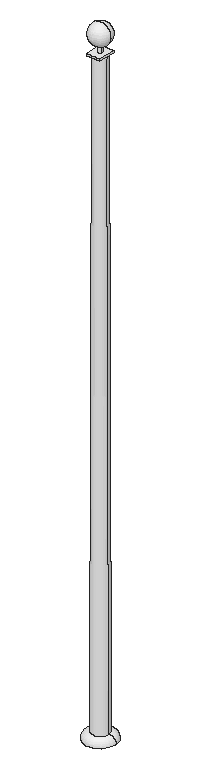
Revit family "M_Mastro", category Terreno, Revit 2019
Family settings
  Cota do conector redondo = Utilizar diâmetro
  Tipo de parte = Normal
  ID de item do Seek = Flag Pole-0000-CAN-ENU
  Com base no plano de trabalho = Não
  Sempre na vertical = Sim
  Corte com vazios quando carregada = Não
  Compartilhado = Não
Parameters (values of type "9 metros")
  Base = 250 mm
  Altura = 9000 mm
  Superior = 200 mm
Types (4, lengths in mm): name | Base | Altura | Superior
  (no name) | 250 | 9000 | 200
  06 metros | 254 | 6096 | 203.2
  9 metros | 250 | 9000 | 200
  12 metros | 254 | 12192 | 203.2
Reference planes
  plane 1 "Centro (Frente/Trás)": y = 0
  plane 2: z = -50.8
  plane 3 "Centro (Esquerda/Direita)": x = 0
  plane 4: x = -100
  plane 5: x = 100
  plane 6: y = -125
  plane 7: y = 125
  plane 8: z = 8949.2
  plane 9: z = 8974.6
  plane 10: z = 9214.122
Forms (mm)
  Blend 1, solid, material "Alumín. 1"
    base sketch origin (0, 0, 0) x (1, 0, 0) y (0, 1, 0)
      loop
        circle (0, 0) r 125.4
    top sketch origin (0, 0, 0) x (1, 0, 0) y (0, 1, 0)
      loop
        circle (0, 0) r 100
    from 101.6 to 8949.2
  Revolve 2, solid, material "Alumín. 1"
    sketch origin (0, 0, 0) x (1, 0, 0) y (0, 0, 1)
      loop
        line (0, 101.6) -> (-125.4, 101.6)
        arc (-125.4, 101.6) -> (-197.242, 71.842) -> (-227, 0) r 101.6
        line (-227, 0) -> (0, 0) -> (0, 101.6)
      axis (0, 0) -> (0, 101.6)
    angle from 0 to 360
  Revolve 3, solid, material "Alumín. 1"
    sketch origin (-5.201, 0, 33.479) x (1, 0, 0) y (0, 0, 1)
      loop
        line (5.201, 9333.043) -> (5.201, 9307.643)
        arc (5.201, 9307.643) -> (132.201, 9180.643) -> (5.201, 9053.643) r 127
        line (5.201, 9053.643) -> (5.201, 9028.243)
        arc (5.201, 9028.243) -> (157.601, 9180.643) -> (5.201, 9333.043) r 152.4
      axis (5.201, 9333.043) -> (5.201, 9028.243)
    angle from 0 to 360
  Extrusion 4, solid, material "Alumín. 1"
    sketch origin (0, 0, 0) x (1, 0, 0) y (0, 1, 0)
      loop
        line (-100, 125) -> (-100, -125) -> (100, -125) -> (100, 125) -> (-100, 125)
    from 8974.6 to 8949.2
  Extrusion 5, solid, material "Alumín. 1"
    sketch origin (0, 0, 0) x (1, 0, 0) y (0, 1, 0)
      loop
        circle (0, 0) r 25.4
    from 9214.122 to 8974.6
Lines and regions (mm)
  model lines, style "Divs"
    curve 1: arc (227, 0, 0) -> (0, 227, 0) -> (-227, 0, 0) r 227
    curve 2: arc (-227, 0, 0) -> (0, -227, 0) -> (227, 0, 0) r 227
    curve 3: arc (125.4, 0, 0) -> (0, 125.4, 0) -> (-125.4, 0, 0) r 125.4
    curve 4: arc (-125.4, 0, 0) -> (0, -125.4, 0) -> (125.4, 0, 0) r 125.4
Dimensions and locks
  equal spacing: plane 6, plane 1 "Centro (Frente/Trás)", plane 7
  "Base": plane 6 to plane 7
  equal spacing: plane 4, plane 3 "Centro (Esquerda/Direita)", plane 5
  "Superior": plane 4 to plane 5
  "Altura": plane 8 to plane 2
  locked: plane 9 to plane 8 at 25.4
  locked: plane 10 to Revolve 3 sketch curve at 0  (x2)
  locked: plane 10 to plane 8 at 264.922
  aligned and locked: Blend 1 to Revolve 2
  aligned and locked: plane 4 to Extrusion 4 sketch curve
  aligned and locked: plane 7 to Extrusion 4 sketch curve
  aligned and locked: plane 6 to Extrusion 4 sketch curve
  aligned and locked: plane 5 to Extrusion 4 sketch curve
  aligned and locked: Extrusion 5 to plane 10
  aligned and locked: Blend 1 to plane 8
  aligned and locked: Extrusion 4 to Blend 1
  aligned and locked: Extrusion 4 to plane 9
  aligned and locked: Extrusion 5 to Extrusion 4
Automatic sketch dimensions
  Blend 1 sketch curve to plane 1 "Centro (Frente/Trás)" = 0 mm  (x2)
  Blend 1 sketch curve to plane 3 "Centro (Esquerda/Direita)" = 0 mm  (x2)
  plane 4 to Blend 1 sketch curve = 25.4 mm
  Blend 1 sketch curve to plane 4 = 0 mm
  Revolve 2 sketch curve to level = 0 mm
  Revolve 2 sketch curve to plane 3 "Centro (Esquerda/Direita)" = 0 mm  (x2)
  plane 4 to Revolve 2 sketch curve = 25.4 mm
  Revolve 2 sketch curve to Revolve 2 sketch curve = 101.6 mm  (x2)
  Revolve 2 sketch curve to Revolve 2 sketch curve = 76.2 mm
  Extrusion 5 sketch curve to plane 1 "Centro (Frente/Trás)" = 0 mm
  Extrusion 5 sketch curve to plane 3 "Centro (Esquerda/Direita)" = 0 mm
  Extrusion 5 sketch curve to Extrusion 5 sketch curve = 25.4 mm
  Revolve 3 sketch curve to plane 3 "Centro (Esquerda/Direita)" = 0 mm  (x2)
  plane 10 to Revolve 3 sketch curve = 30.72 mm
  Revolve 3 sketch curve to Revolve 3 sketch curve = 96.28 mm
  Revolve 3 sketch curve to Revolve 3 sketch curve = 25.4 mm
  Revolve 3 sketch curve to Revolve 3 sketch curve = 56.12 mm
  curve 1 to plane 1 "Centro (Frente/Trás)" = 0 mm
  curve 4 to plane 1 "Centro (Frente/Trás)" = 0 mm
  curve 2 to plane 3 "Centro (Esquerda/Direita)" = 0 mm
  curve 3 to plane 3 "Centro (Esquerda/Direita)" = 0 mm
  plane 4 to curve 3 = 25.4 mm
  curve 2 to curve 3 = 101.6 mm
